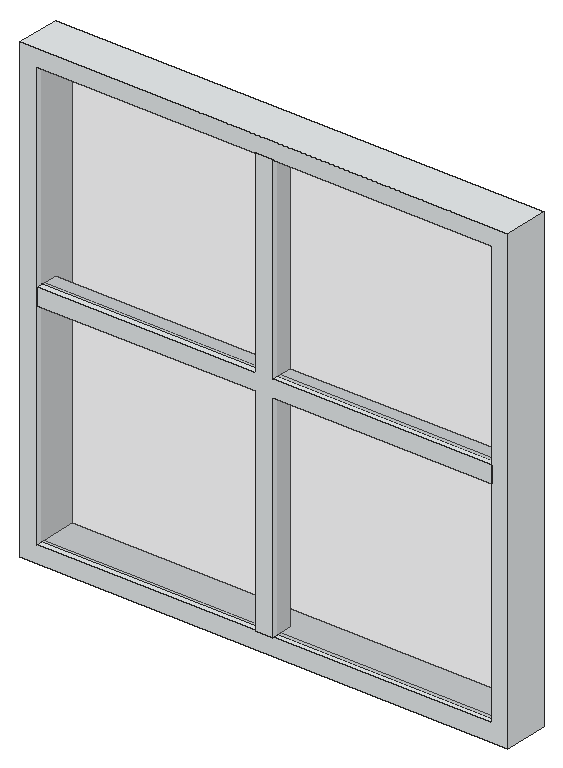
Revit family "Janela_Fachada_4Painel", category Windows, host Wall, Revit 2020
Family settings
  Host = Wall
  OmniClass Number = 23.30.20.00
  OmniClass Title = Windows
  Always vertical = Yes
  Cut with Voids When Loaded = No
  Shared = No
  Room Calculation Point = No
Parameters (values of type "JAN_220x208_FAC_4PA")
  Material_Vidro = CT_Vidros
  Material_Esquadria = CT_Esquadrias_Aluminio
  Height = 2.080 m
  Espess_Esquadria = 0.075 m
  Define Thermal Properties by = Schematic Type
  Default Sill Height = 0.800 m
  Wall Closure = By host
  Width = 2.200 m
  Analytic Construction = "<None>"
  ALtura_Bandeira = 1.000 m
Types (2, lengths in m): name | Width
  JAN_220x208_FAC_4PA | 2.200
  JAN_230x208_FAC_4PA | 2.300
Reference planes (m)
  plane 1 "Center (Front/Back)": y = 0
  plane 2 "Center (Left/Right)": x = 0
  plane 3 "Left": x = -1.1
  plane 4 "Right": x = 1.1
  plane 5 "Sill": z = 0.8
  plane 6 "Head": z = 2.88
  plane 7 "Exterior": y = 0.1
  plane 8 "Interior": y = -0.1
  plane 9: z = 1.88
Forms (m)
  Extrusion 1, solid, material "CT_Esquadrias_Aluminio" <- "Material_Esquadria"
    sketch origin (0, 0.1, 0) x (1, 0, 0) y (0, 0, 1)
      loop
        line (1.1, 2.88) -> (-1.1, 2.88) -> (-1.1, 0.8) -> (1.1, 0.8) -> (1.1, 2.88)
      loop
        line (1.025, 2.805) -> (-1.025, 2.805) -> (-1.025, 0.875) -> (1.025, 0.875) -> (1.025, 2.805)
    from 0 to 0.2
  Extrusion 2, solid, material "CT_Vidros" <- "Material_Vidro"
    sketch origin (0, 0.1, 0) x (1, 0, 0) y (0, 0, 1)
      loop
        line (1.025, 2.805) -> (0.0375, 2.805) -> (0.0375, 1.9175) -> (1.025, 1.9175) -> (1.025, 2.805)
      loop
        line (-0.0375, 2.805) -> (-1.025, 2.805) -> (-1.025, 1.9175) -> (-0.0375, 1.9175) -> (-0.0375, 2.805)
      loop
        line (-0.0375, 1.8425) -> (-1.025, 1.8425) -> (-1.025, 0.875) -> (-0.0375, 0.875) -> (-0.0375, 1.8425)
      loop
        line (1.025, 1.8425) -> (0.0375, 1.8425) -> (0.0375, 0.875) -> (1.025, 0.875) -> (1.025, 1.8425)
    from 0.160827 to 0.17495
  Extrusion 3, solid, material "CT_Esquadrias_Aluminio" <- "Material_Esquadria"
    sketch origin (0, 0.1, 0) x (1, 0, 0) y (0, 0, 1)
      loop
        line (0.0375, 2.805) -> (-0.0375, 2.805) -> (-0.0375, 1.9175) -> (-1.025, 1.9175) -> (-1.025, 1.8425) -> (-0.0375, 1.8425) -> (-0.0375, 0.875) -> (0.0375, 0.875) -> (0.0375, 1.8425) -> (1.025, 1.8425) -> (1.025, 1.9175) -> (0.0375, 1.9175) -> (0.0375, 2.805)
    from 0.1 to 0.2
Lines and regions (m)
  Opening 1
    outline origin (3.5, -0.1, 0) x (1, 0, 0) y (0, 0, 1)
      loop
        line (-2.4, 0.8) -> (-2.4, 2.88) -> (-4.6, 2.88) -> (-4.6, 0.8) -> (-2.4, 0.8)
Text (m)
  text "EXTERIOR" at (-1.963203, 1.332353, 0), in view "Ref. Level"
  text "INTERIOR" at (-1.981466, -0.818386, 0), in view "Ref. Level"
  text "Exterior" at (0, 0.923751, 2.943296), in view "Right"
  text "Exterior" at (0, 1.040484, 2.685409), in view "Left"
Dimensions and locks (m)
  equal spacing: plane 3 "Left", plane 2 "Center (Left/Right)", plane 4 "Right"  (x2)
  "Width": plane 3 "Left" to plane 4 "Right"
  "Height": plane 5 "Sill" to plane 6 "Head"
  "Default Sill Height": plane 5 "Sill" to level
  locked: plane 7 "Exterior" to host wall
  locked: plane 8 "Interior" to host wall
  "ALtura_Bandeira": plane 9 to plane 6 "Head"
  "Espess_Esquadria": Extrusion 1 to Extrusion 1  (x2)
  locked: Extrusion 2 to Extrusion 2 at 0.014123
  locked: Extrusion 1 to Extrusion 2 at 0.02505
  Extrusion 3 to Extrusion 3 = 0.075 m  (x2)
  locked: Extrusion 3 to Extrusion 3 at 0.075  (x4)
  Extrusion 3 to Extrusion 3 = 0.100 m
  aligned and locked: plane 8 "Interior" to Extrusion 1
  aligned and locked: Extrusion 1 to plane 7 "Exterior"
  aligned and locked: Extrusion 2 sketch curve to Extrusion 1  (x4)
  aligned and locked: Extrusion 3 sketch curve to Extrusion 3 sketch curve
  aligned and locked: Extrusion 2 to Extrusion 1
  aligned and locked: Extrusion 3 to Extrusion 2  (x3)
  aligned and locked: Extrusion 3 to Extrusion 1  (x2)
  aligned and locked: Extrusion 3 to host wall
  aligned and locked: Extrusion 1 to Extrusion 3
Automatic sketch dimensions
  plane 3 "Left" to Opening 1 sketch curve = 0.000 m
  plane 4 "Right" to Opening 1 sketch curve = 0.000 m
  Opening 1 sketch curve to plane 5 "Sill" = 0.000 m
  Opening 1 sketch curve to plane 6 "Head" = 0.000 m
  plane 3 "Left" to Extrusion 1 sketch curve = 0.000 m
  plane 4 "Right" to Extrusion 1 sketch curve = 0.000 m
  Extrusion 1 sketch curve to plane 5 "Sill" = 0.000 m
  Extrusion 1 sketch curve to plane 6 "Head" = 0.000 m
  Extrusion 1 sketch curve to plane 5 "Sill" = 0.075 m
  plane 6 "Head" to Extrusion 1 sketch curve = 0.075 m
  Extrusion 1 sketch curve to plane 3 "Left" = 0.075 m
  plane 4 "Right" to Extrusion 1 sketch curve = 0.075 m
  Extrusion 2 sketch curve to plane 3 "Left" = 0.075 m
  plane 2 "Center (Left/Right)" to Extrusion 2 sketch curve = 0.0375 m  (x2)
  Extrusion 2 sketch curve to plane 2 "Center (Left/Right)" = 0.0375 m  (x2)
  plane 4 "Right" to Extrusion 2 sketch curve = 0.075 m
  Extrusion 2 sketch curve to Extrusion 2 sketch curve = 0.000 m
  Extrusion 2 sketch curve to plane 9 = 0.0375 m  (x2)
  plane 9 to Extrusion 2 sketch curve = 0.0375 m  (x2)
  plane 6 "Head" to Extrusion 2 sketch curve = 0.075 m
  plane 6 "Head" to Extrusion 3 sketch curve = 1.0375 m
  Extrusion 3 sketch curve to plane 3 "Left" = 0.075 m
  Extrusion 3 sketch curve to Extrusion 3 sketch curve = 0.9875 m
  plane 6 "Head" to Extrusion 3 sketch curve = 2.005 m
  Extrusion 3 sketch curve to Extrusion 3 sketch curve = 0.000 m
  Extrusion 3 sketch curve to Extrusion 3 sketch curve = 0.075 m  (x3)
  Extrusion 3 sketch curve to Extrusion 3 sketch curve = 0.8875 m
  Extrusion 3 sketch curve to plane 3 "Left" = 2.125 m
  Extrusion 3 sketch curve to plane 9 = 0.0375 m
